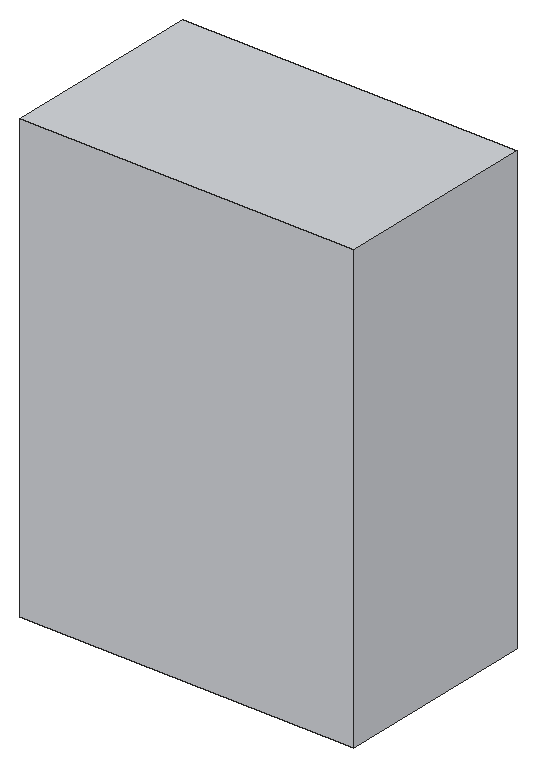
Revit family
Parameters
  hook [instance] = Unit Width / 0' 9 1/2"  # 4
  h [instance] = hook - 1  # 3
  ed [instance] = 0' - 2 5/16"
  Warranty Duration (Years) = 0
  Unit Width [instance] = 2' - 10"
  Unit Height [instance] = 0' - 0"
  Unit Depth = 0' - 0"
  URL = "http://www.americanspecialties.com/viewCategories.cfm"
  Trim Material = Rubber
  Test Data = ""
  Specification = "http://www.arcat.com/sdspecs/htm/10810asi.htm"
  SpecWizard = ""
  Send Message = "http://www.arcat.com/users.pl?action=UserEmail&company=American%20Specialties,%20Inc.&coid=30448&rep=139&fax=914-476-0688&mf="
  Sales Information = "http://www.americanspecialties.com/contact"
  Revision = "R1_10-2010"
  Product Properties = "http://www.americanspecialties.com/datasheets/13081.pdf"
  Product Data = "http://www.arcat.com/arcatcos/cos30/arc30448.html"
  Model = "As Specified in 10 28 13"
  Manufacturer Website = "http://www.americanspecialties.com/viewCategories.cfm"
  Manufacturer Phone - Toll Free = ""
  Manufacturer Phone = "914-476-9000 "
  Manufacturer Fax = "914-476-0688"
  Manufacturer Address = "441 Saw Mill River Rd., Yonkers, NY 10701"
  Manufacturer = "American Specialties, Inc."
  Maintenance Schedule (Months) = 0
  Keynote = "10 28 13"
  Installation-Fabrication = "http://www.americanspecialties.com/products.cfm"
  Green Building-LEED = ""
  Expected Lifespan (Years) = 0
  Drawn By = "Robert S. Weygant. CSI, CDT, SCIP"  # constant formula
  Description = "Toilet Accessory as Specified in 10 28 13"
  Default Elevation = 4' - 0"
  Copyright = "©Arcat Inc."
  Construction Details = "http://www.arcat.com/green/clients/leed_data_30448.html"
  Building Codes = "http://www.americanspecialties.com/products.cfm"
  Body Material = Metal - Stainless Steel
  Assembly Code = "C1030210"
Reference planes (in)
  plane 1 "Center (Front/Back)": y = -0.29112
  plane 2 "Floor Line": z = 0
  plane 3 "Center (Left/Right)": x = -0.65843
Forms (in)
  Extrusion 1, solid
    sketch origin (-3, -9, -6) x (0, 0, -1) y (1, 0, 0)
      loop
        line (-82, 56.90407) -> (-82, -0.06991) -> (-6, -0.06991) -> (-6, 56.90407) -> (-82, 56.90407)
    from 9 to -25.60721
  Extrusion 2, solid, material "Metal - Stainless Steel" <- "Body Material"
    sketch origin (-1.72093, -8.31344, 19.88375) x (0, -1, 0) y (0, 0, 1)
      loop
        line (-12.93505, -18.82102) -> (-11.32924, -18.82102) -> (-10.07896, -19.82125) -> (-5.08481, -19.82125)
        arc (-5.08481, -19.82125) -> (-3.99168, -19.48705) -> (-3.27232, -18.59873) r 1.95484
        arc (-3.27232, -18.59873) -> (-3.35658, -18.10216) -> (-3.64071, -17.6863) r 1.17688
        line (-3.64071, -17.6863) -> (-3.94, -17.63352)
        arc (-3.94, -17.63352) -> (-4.08481, -17.73492) -> (-3.98341, -17.87972) r 0.125
        line (-3.98341, -17.87972) -> (-3.7626, -17.91866)
        arc (-3.7626, -17.91866) -> (-3.58307, -18.20925) -> (-3.52099, -18.54513) r 0.92688
        arc (-3.52099, -18.54513) -> (-4.14966, -19.29166) -> (-5.08481, -19.57102) r 1.70484
        line (-5.08481, -19.57102) -> (-9.99154, -19.57102) -> (-11.24154, -18.57102) -> (-12.93505, -18.57102)
        arc (-12.93505, -18.57102) -> (-13.06005, -18.69602) -> (-12.93505, -18.82102) r 0.125
    from -3.625 to -4.5
  Extrusion 3, solid
    sketch origin (0, -1.46227, -0.4375) x (1, 0, 0) y (0, 1, 0)
      loop
        circle (2.34157, -0.57886) r 0.21875
      loop
        circle (2.34157, 1.42114) r 0.21875
    from 0.75022 to 0.5
  Extrusion 4, solid, material "Metal - Stainless Steel" <- "Body Material"
    sketch origin (-9.56405, -9.73146, -10.05355) x (1, 0, 0) y (0, 0, 1)
      loop
        line (15.15562, 10.61605) -> (18.15562, 10.61605) -> (18.15562, 11.46368) -> (18.03062, 11.46368) -> (18.03062, 10.74105) -> (15.28062, 10.74105) -> (15.28062, 12.51646) -> (15.15562, 12.51646) -> (15.15562, 10.61605)
    from -1.5 to -2.88069
  Extrusion 5, solid, material "Rubber" <- "Trim Material"
    sketch origin (6.125, -7.25, -2.9375) x (1, 0, 0) y (0, 1, 0)
      loop
        arc (1.71876, -0.00164) -> (1.38167, 0.05154) -> (1.04802, -0.02014) r 0.93233
        arc (1.04802, -0.02014) -> (0.90772, -0.07915) -> (0.79313, -0.17932) r 0.47745
        arc (0.79313, -0.17932) -> (0.82811, -0.32067) -> (0.6876, -0.35889) r 0.10417
        arc (0.6876, -0.35889) -> (0.5665, -0.32788) -> (0.49553, -0.22496) r 0.1783
        line (0.49553, -0.22496) -> (0.30272, -0.22496) -> (0.30272, -0.4268)
        arc (0.30272, -0.4268) -> (1.23821, -1.05205) -> (2.33702, -0.8097) r 1.43411
        arc (2.33702, -0.8097) -> (2.14783, -0.3139) -> (1.71876, -0.00164) r 0.93233
    from 3.70633 to 5.00782
  Extrusion 6, solid, material "Rubber" <- "Trim Material"
    sketch origin (6.25, -7.25, -2.9375) x (1, 0, 0) y (0, 1, 0)
      loop
        circle (1.63426, -0.62262) r 0.25
    from 5.00782 to 5.1404
  Extrusion 7, solid, material "Rubber" <- "Trim Material"
    sketch origin (6.25, -7.25, -2.9375) x (1, 0, 0) y (0, 1, 0)
      loop
        circle (0.52944, 0.16479) r 0.08601
      loop
        circle (1.83175, 0.16479) r 0.08601
    from 3.625 to 3.70633
  Extrusion 8, solid, material "Metal - Stainless Steel" <- "Body Material"
    sketch origin (-0.65843, -2.93023, -27.33253) x (0, 1, 0) y (0, 0, 1)
      loop
        line (8.38911, 35.39503) -> (8.38911, 27.39503) -> (-3.11089, 27.39503) -> (-3.11089, 27.89503) -> (-6.11089, 27.89503) -> (-6.11089, 27.33253) -> (9.13911, 27.33253) -> (9.13911, 35.39503) -> (8.38911, 35.39503)
    from 0 to 34
  Extrusion 9, solid, material "Metal - Stainless Steel" <- "Body Material"
    sketch origin (-0.65843, -2.93023, -27.33253) x (0, 1, 0) y (0, 0, 1)
      loop
        line (8.38911, 35.39503) -> (6.39448, 27.39503) -> (8.38911, 27.39503) -> (8.38911, 35.39503)
    from 0 to 1
  Extrusion 10, solid, material "Metal - Stainless Steel" <- "Body Material"
    sketch origin (43.34157, -2.93023, -27.33253) x (0, 1, 0) y (0, 0, -1)
      loop
        line (8.38911, -35.39503) -> (8.38911, -27.39503) -> (6.39448, -27.39503) -> (8.38911, -35.39503)
    from 10 to 11
  Extrusion 11, solid, material "Metal - Stainless Steel" <- "Body Material"
    sketch origin (7.77907, -8.31344, 19.88375) x (0, -1, 0) y (0, 0, 1)
      loop
        line (-12.93505, -18.82102) -> (-11.32924, -18.82102) -> (-10.07896, -19.82125) -> (-5.08481, -19.82125)
        arc (-5.08481, -19.82125) -> (-3.99168, -19.48705) -> (-3.27232, -18.59873) r 1.95484
        arc (-3.27232, -18.59873) -> (-3.35658, -18.10216) -> (-3.64071, -17.6863) r 1.17688
        line (-3.64071, -17.6863) -> (-3.94, -17.63352)
        arc (-3.94, -17.63352) -> (-4.08481, -17.73492) -> (-3.98341, -17.87972) r 0.125
        line (-3.98341, -17.87972) -> (-3.7626, -17.91866)
        arc (-3.7626, -17.91866) -> (-3.58307, -18.20925) -> (-3.52099, -18.54513) r 0.92688
        arc (-3.52099, -18.54513) -> (-4.14966, -19.29166) -> (-5.08481, -19.57102) r 1.70484
        line (-5.08481, -19.57102) -> (-9.99154, -19.57102) -> (-11.24154, -18.57102) -> (-12.93505, -18.57102)
        arc (-12.93505, -18.57102) -> (-13.06005, -18.69602) -> (-12.93505, -18.82102) r 0.125
    from -3.625 to -4.5
  Extrusion 12, solid
    sketch origin (9.5, -1.46227, -0.4375) x (1, 0, 0) y (0, 1, 0)
      loop
        circle (2.34157, -0.57886) r 0.21875
      loop
        circle (2.34157, 1.42114) r 0.21875
    from 0.75022 to 0.5
  Extrusion 13, solid, material "Metal - Stainless Steel" <- "Body Material"
    sketch origin (17.27907, -8.31344, 19.88375) x (0, -1, 0) y (0, 0, 1)
      loop
        line (-12.93505, -18.82102) -> (-11.32924, -18.82102) -> (-10.07896, -19.82125) -> (-5.08481, -19.82125)
        arc (-5.08481, -19.82125) -> (-3.99168, -19.48705) -> (-3.27232, -18.59873) r 1.95484
        arc (-3.27232, -18.59873) -> (-3.35658, -18.10216) -> (-3.64071, -17.6863) r 1.17688
        line (-3.64071, -17.6863) -> (-3.94, -17.63352)
        arc (-3.94, -17.63352) -> (-4.08481, -17.73492) -> (-3.98341, -17.87972) r 0.125
        line (-3.98341, -17.87972) -> (-3.7626, -17.91866)
        arc (-3.7626, -17.91866) -> (-3.58307, -18.20925) -> (-3.52099, -18.54513) r 0.92688
        arc (-3.52099, -18.54513) -> (-4.14966, -19.29166) -> (-5.08481, -19.57102) r 1.70484
        line (-5.08481, -19.57102) -> (-9.99154, -19.57102) -> (-11.24154, -18.57102) -> (-12.93505, -18.57102)
        arc (-12.93505, -18.57102) -> (-13.06005, -18.69602) -> (-12.93505, -18.82102) r 0.125
    from -3.625 to -4.5
  Extrusion 14, solid
    sketch origin (19, -1.46227, -0.4375) x (1, 0, 0) y (0, 1, 0)
      loop
        circle (2.34157, -0.57886) r 0.21875
      loop
        circle (2.34157, 1.42114) r 0.21875
    from 0.75022 to 0.5
  Extrusion 15, solid, material "Metal - Stainless Steel" <- "Body Material"
    sketch origin (26.77907, -8.31344, 19.88375) x (0, -1, 0) y (0, 0, 1)
      loop
        line (-12.93505, -18.82102) -> (-11.32924, -18.82102) -> (-10.07896, -19.82125) -> (-5.08481, -19.82125)
        arc (-5.08481, -19.82125) -> (-3.99168, -19.48705) -> (-3.27232, -18.59873) r 1.95484
        arc (-3.27232, -18.59873) -> (-3.35658, -18.10216) -> (-3.64071, -17.6863) r 1.17688
        line (-3.64071, -17.6863) -> (-3.94, -17.63352)
        arc (-3.94, -17.63352) -> (-4.08481, -17.73492) -> (-3.98341, -17.87972) r 0.125
        line (-3.98341, -17.87972) -> (-3.7626, -17.91866)
        arc (-3.7626, -17.91866) -> (-3.58307, -18.20925) -> (-3.52099, -18.54513) r 0.92688
        arc (-3.52099, -18.54513) -> (-4.14966, -19.29166) -> (-5.08481, -19.57102) r 1.70484
        line (-5.08481, -19.57102) -> (-9.99154, -19.57102) -> (-11.24154, -18.57102) -> (-12.93505, -18.57102)
        arc (-12.93505, -18.57102) -> (-13.06005, -18.69602) -> (-12.93505, -18.82102) r 0.125
    from -3.625 to -4.5
  Extrusion 16, solid
    sketch origin (28.5, -1.46227, -0.4375) x (1, 0, 0) y (0, 1, 0)
      loop
        circle (2.34157, -0.57886) r 0.21875
      loop
        circle (2.34157, 1.42114) r 0.21875
    from 0.75022 to 0.5
  Extrusion 17, solid, material "Metal - Stainless Steel" <- "Body Material"
    sketch origin (-0.06405, -9.73146, -10.05355) x (1, 0, 0) y (0, 0, 1)
      loop
        line (15.15562, 10.61605) -> (18.15562, 10.61605) -> (18.15562, 11.46368) -> (18.03062, 11.46368) -> (18.03062, 10.74105) -> (15.28062, 10.74105) -> (15.28062, 12.51646) -> (15.15562, 12.51646) -> (15.15562, 10.61605)
    from -1.5 to -2.88069
  Extrusion 18, solid, material "Rubber" <- "Trim Material"
    sketch origin (15.625, -7.25, -2.9375) x (1, 0, 0) y (0, 1, 0)
      loop
        arc (1.71876, -0.00164) -> (1.38167, 0.05154) -> (1.04802, -0.02014) r 0.93233
        arc (1.04802, -0.02014) -> (0.90772, -0.07915) -> (0.79313, -0.17932) r 0.47745
        arc (0.79313, -0.17932) -> (0.82811, -0.32067) -> (0.6876, -0.35889) r 0.10417
        arc (0.6876, -0.35889) -> (0.5665, -0.32788) -> (0.49553, -0.22496) r 0.1783
        line (0.49553, -0.22496) -> (0.30272, -0.22496) -> (0.30272, -0.4268)
        arc (0.30272, -0.4268) -> (1.23821, -1.05205) -> (2.33702, -0.8097) r 1.43411
        arc (2.33702, -0.8097) -> (2.14783, -0.3139) -> (1.71876, -0.00164) r 0.93233
    from 3.70633 to 5.00782
  Extrusion 19, solid, material "Rubber" <- "Trim Material"
    sketch origin (15.75, -7.25, -2.9375) x (1, 0, 0) y (0, 1, 0)
      loop
        circle (1.63426, -0.62262) r 0.25
    from 5.00782 to 5.1404
  Extrusion 20, solid, material "Rubber" <- "Trim Material"
    sketch origin (15.75, -7.25, -2.9375) x (1, 0, 0) y (0, 1, 0)
      loop
        circle (0.52944, 0.16479) r 0.08601
      loop
        circle (1.83175, 0.16479) r 0.08601
    from 3.625 to 3.70633
  Extrusion 21, solid, material "Metal - Stainless Steel" <- "Body Material"
    sketch origin (9.43595, -9.73146, -10.05355) x (1, 0, 0) y (0, 0, 1)
      loop
        line (15.15562, 10.61605) -> (18.15562, 10.61605) -> (18.15562, 11.46368) -> (18.03062, 11.46368) -> (18.03062, 10.74105) -> (15.28062, 10.74105) -> (15.28062, 12.51646) -> (15.15562, 12.51646) -> (15.15562, 10.61605)
    from -1.5 to -2.88069
  Extrusion 22, solid, material "Rubber" <- "Trim Material"
    sketch origin (25.125, -7.25, -2.9375) x (1, 0, 0) y (0, 1, 0)
      loop
        arc (1.71876, -0.00164) -> (1.38167, 0.05154) -> (1.04802, -0.02014) r 0.93233
        arc (1.04802, -0.02014) -> (0.90772, -0.07915) -> (0.79313, -0.17932) r 0.47745
        arc (0.79313, -0.17932) -> (0.82811, -0.32067) -> (0.6876, -0.35889) r 0.10417
        arc (0.6876, -0.35889) -> (0.5665, -0.32788) -> (0.49553, -0.22496) r 0.1783
        line (0.49553, -0.22496) -> (0.30272, -0.22496) -> (0.30272, -0.4268)
        arc (0.30272, -0.4268) -> (1.23821, -1.05205) -> (2.33702, -0.8097) r 1.43411
        arc (2.33702, -0.8097) -> (2.14783, -0.3139) -> (1.71876, -0.00164) r 0.93233
    from 3.70633 to 5.00782
  Extrusion 23, solid, material "Rubber" <- "Trim Material"
    sketch origin (25.25, -7.25, -2.9375) x (1, 0, 0) y (0, 1, 0)
      loop
        circle (1.63426, -0.62262) r 0.25
    from 5.00782 to 5.1404
  Extrusion 24, solid, material "Rubber" <- "Trim Material"
    sketch origin (25.25, -7.25, -2.9375) x (1, 0, 0) y (0, 1, 0)
      loop
        circle (0.52944, 0.16479) r 0.08601
      loop
        circle (1.83175, 0.16479) r 0.08601
    from 3.625 to 3.70633
  Extrusion 25, void
    sketch origin (0, 0, 0) x (1, 0, 0) y (0, 1, 0)
      loop
        circle (0.09157, -7.54112) r 0.21875
      loop
        circle (32.59157, -7.54112) r 0.21875
    from 0.5625 to 0
  Extrusion 26, void
    sketch origin (0, 0, 0) x (1, 0, 0) y (0, 1, 0)
      loop
        circle (6.84157, 3.70888) r 0.21875
      loop
        circle (25.84157, 3.70888) r 0.21875
    from 0.0625 to 0
Cuts and joins
  Extrusion 25, Extrusion 26 cuts Extrusion 8
Dimensions and locks (in)
  "Unit Width": Extrusion 8 to Extrusion 8
  locked: Extrusion 10 to Extrusion 10 at 1
  locked: Extrusion 9 to Extrusion 9 at 1
  equal spacing: group 1, group 2, group 3, group 4  (x3)
  locked: cut or joined group of Extrusion 8, Extrusion 25, Extrusion 26 to Extrusion 25 sketch curve at 0.75
  locked: Extrusion 25 sketch curve to cut or joined group of Extrusion 8, Extrusion 25, Extrusion 26 at 0.75
  locked: cut or joined group of Extrusion 8, Extrusion 25, Extrusion 26 to Extrusion 26 sketch curve at 7.5
  locked: Extrusion 26 sketch curve to cut or joined group of Extrusion 8, Extrusion 25, Extrusion 26 at 7.5
  aligned and locked: Extrusion 1 to level
  aligned and locked: Extrusion 2 to Extrusion 3  (x2)
  aligned and locked: Extrusion 5 to Extrusion 6
  aligned and locked: Extrusion 9 to Extrusion 8
  aligned and locked: Extrusion 10 to Extrusion 8  (x2)
  aligned and locked: Extrusion 8 to Extrusion 10
  aligned and locked: Extrusion 8 to Extrusion 9
  aligned and locked: Extrusion 11 to Extrusion 12  (x2)
  aligned and locked: Extrusion 13 to Extrusion 14  (x2)
  aligned and locked: Extrusion 15 to Extrusion 16  (x2)
  aligned and locked: Extrusion 8 to plane 3 "Center (Left/Right)"
  aligned and locked: Extrusion 18 to Extrusion 19
  aligned and locked: Extrusion 22 to Extrusion 23
  aligned and locked: Extrusion 25 to Extrusion 4
  aligned and locked: Extrusion 25 to level
  aligned and locked: Extrusion 2 to Extrusion 26
Automatic sketch dimensions
  Extrusion 1 sketch curve to Extrusion 1 sketch curve = 6' - 4"
  Extrusion 1 sketch curve to Extrusion 1 sketch curve = 4' - 8.97398"
  Extrusion 8 sketch curve to level = 0' - 0"
  level to Extrusion 8 sketch curve = 0' - 0 9/16"
  plane 1 "Center (Front/Back)" to Extrusion 8 sketch curve = 0' - 8 3/4"
  level to Extrusion 8 sketch curve = 0' - 0 1/16"
  Extrusion 8 sketch curve to Extrusion 8 sketch curve = 0' - 3"
  Extrusion 8 sketch curve to plane 1 "Center (Front/Back)" = 0' - 5 3/4"
  Extrusion 8 sketch curve to Extrusion 8 sketch curve = 0' - 0 3/4"
  Extrusion 8 sketch curve to Extrusion 8 sketch curve = 0' - 8"
  level to Extrusion 9 sketch curve = 0' - 0 1/16"
  Extrusion 9 sketch curve to plane 1 "Center (Front/Back)" = 0' - 3.75538"
  Extrusion 9 sketch curve to plane 1 "Center (Front/Back)" = 0' - 5 3/4"
  Extrusion 9 sketch curve to Extrusion 9 sketch curve = 0' - 8"
  level to Extrusion 10 sketch curve = 0' - 0 1/16"
  Extrusion 10 sketch curve to plane 1 "Center (Front/Back)" = 0' - 3.75538"
  Extrusion 10 sketch curve to plane 1 "Center (Front/Back)" = 0' - 5 3/4"
  Extrusion 10 sketch curve to Extrusion 10 sketch curve = 0' - 8"
  plane 1 "Center (Front/Back)" to Extrusion 25 sketch curve = 0' - 7 1/4"  (x2)
  Extrusion 26 sketch curve to plane 1 "Center (Front/Back)" = 0' - 4"  (x2)
  radius of Extrusion 25 sketch curve = 0' - 0 7/32"  (x2)
  radius of Extrusion 26 sketch curve = 0' - 0 7/32"  (x2)
